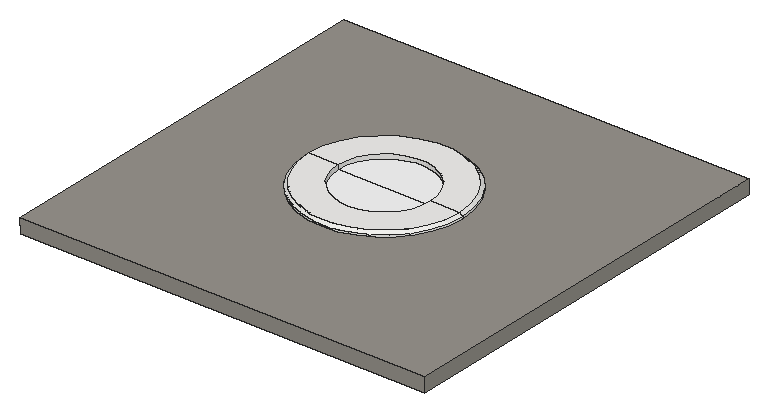
Revit family "Lighting_Fixture-Visa_Lighting-Symmetry_DL", category Lighting Fixtures, host Face, Revit 2020
Family settings
  Host = Face
  Round Connector Dimension = Use Diameter
  Part Type = Normal
  OmniClass Number = 23.80.70.11
  OmniClass Title = Luminaries for Internal Lighting
  Cut with Voids When Loaded = No
  Light Source = Yes
  Shared = No
  Room Calculation Point = No
Parameters (values of type "Not A Type - Load Type Catalog")
  Wattage Comments = "50.7 Watts"
  Wattage = 332.349 W
  Warranty URL = "https://www.visalighting.com/company/warranty"
  built-in parameter 1150110 = 1 (stored number, unit not read)
  Voltage Comment = "120 - 277 Volts Universal"  # constant formula
  Voltage = 120 V
  Version = "2020 - V1.0a"  # constant formula
  URL = "https://www.visalighting.com/"
  built-in parameter 1114217 = 1 (stored number, unit not read)
  Support Phone = "(224) 699-9545"  # constant formula
  Support Email = "mailto: support@bimsmith.com"
  Recessed Width = 0' - 6 125/128"  # constant formula
  Recessed Depth = 0' - 2 7/8"  # constant formula
  Photometry Note = "Please load ies file listed under Photometric Web File for accurate rendering."  # constant formula
  Product Documentation Link = "https://www.visalighting.com/sites/default/files/2025-03/cm2500_symmetry_dl_spec.pdf"
  Photometric Web File = "CM1885-W-L35K (AMB).ies"
  Load Classification = Lighting
  Keynote = "26 51 00"
  Instruction Sheet Link = "https://www.visalighting.com/sites/default/files/2025-03/762386xx-reva.pdf"
  Height = 0' - 4 3/4"  # constant formula
  Product Page URL = "https://www.visalighting.com/products/symmetry?field_healthcare_tags_tid[]=1501"
  Product Name = "Symmetry DL"  # constant formula
  Power Factor = 1
  Phase = 1
  Number of Poles = 1
  Model = "Please Load Accompanying Type Catalog (.txt)"
  Manufacturer Phone Number = "414-354-6600"  # constant formula
  Manufacturer Email = "https://www.visalighting.com/contact-visa-lighting"
  Manufacturer Address = "1717 W Civic Drive Milwaukee, WI 53209"  # constant formula
  Manufacturer = "Visa Lighting"  # constant formula
  Lens = Acrylic - VISA - Light
  Lamp = "LED"
  Frequency = 0 Hz
  Emit from Circle Diameter = C Lens Diameter  # 0' - 6 125/128"
  Emit Shape Visible in Rendering = no
  Diameter = 0' - 6 125/128"  # constant formula
  Desired Bracket Width = 1' - 6"
  Desired Bracket Length = 1' - 6"
  Description = "High-abuse downlight with a 4” diameter aperture."  # constant formula
  Copyright = "© 2025. All rights reserved. Visa Lighting, An Oldenburg Group Company."  # constant formula
  Tilt Angle = 90.00°
  built-in parameter 1150109 = 1 (stored number, unit not read)
  built-in parameter 1150134 = (empty or 0)
  built-in parameter 1150113 = 1 (stored number, unit not read)
  Material = ""
  Finish = Paint - VISA - Traffic White (TRWT)
  built-in parameter 1150105 = 358.1 (stored number, unit not read)
  Lumens = 4500 lm
  built-in parameter 1150115 = 1 (stored number, unit not read)
  built-in parameter 1150137 = (empty or 0)
  built-in parameter 1150139 = (empty or 0)
  built-in parameter 1150112 = 1 (stored number, unit not read)
  built-in parameter 1150114 = 1 (stored number, unit not read)
  built-in parameter 1150132 = 2
  built-in parameter 1150102 = (empty or 0)
  built-in parameter 1150107 = 3000 (stored number, unit not read)
  built-in parameter 1150138 = (empty or 0)
  built-in parameter 1150106 = 3.581 (stored number, unit not read)
  built-in parameter 1150104 = 1.2579 (stored number, unit not read)
  Dimming Lamp Color Temperature Shift = <None>
  Default Elevation = 0' - 0"  # constant formula
  Color Filter = 16777215
  C Lens Diameter = Diameter  # 0' - 6 125/128"
  C Driver Width = C Driver Length  # 0' - 6 125/128"
  C Driver Length = 0' - 6 125/128"  # constant formula
  C Driver Height = 0' - 4 3/4"  # constant formula
  C Constraint = 0
  C 45in Reflector = C Constraint = 1  # no
  C 23in Reflector = C Constraint = 0  # yes
  Bracket Width = if(Desired Bracket Width < 1' 2 125/256", 1' 2 125/256", if(Desired Bracket Width > 2' 0 1/64", 2' 0 1/64", Desired Bracket Width))  # 1' - 6"
  Bracket Length = if(Desired Bracket Length < 1' 2 125/256", 1' 2 125/256", if(Desired Bracket Length > 2' 0 1/64", 2' 0 1/64", Desired Bracket Length))  # 1' - 6"
  built-in parameter 1114218 = 1 (stored number, unit not read)
  built-in parameter 1150133 = 10 (stored number, unit not read)
  Assembly Code = "D5020200"
  Apparent Load = Wattage / Power Factor  # 332.349 VA
Reference planes (in)
  plane 1 "Center (Front/Back)": y = 0
  plane 2 "Ceiling": z = 0
  plane 3 "Center (Left/Right)": x = 0
  plane 4: y = 3.48828
  plane 5: y = -3.48828
  plane 6: x = -3.48828
  plane 7: x = 3.48828
  plane 8: z = -4.75
  plane 9: x = -3.48828
  plane 10: x = 3.48828
  plane 11: y = 3.48828
  plane 12: y = -3.48828
  plane 13: y = 9
  plane 14: x = -9
  plane 15: x = 9
  plane 16: y = -9
Forms (in)
  Extrusion 1, void
    sketch origin (0, 0, 0.0625) x (-1, 0, 0) y (0, -1, 0)
      loop
        circle (0, 0) r 3.48828
    from 0.563 to -4.8125
  Revolve 2, solid, material "Paint - VISA - Traffic White (TRWT)" <- "Finish"
    sketch origin (0, 0, 0) x (1, 0, 0) y (0, 0, 1)
      loop
        line (-3.48828, 0.06999) -> (-3.48828, 0) -> (-2.0624, 0) -> (-2.0624, 0.19472) -> (-3.36355, 0.19472) -> (-3.48828, 0.06999)
      axis (0, 0.19472) -> (0, 0)
    angle from 0 to 360
  Revolve 3, solid, material "Paint - VISA - Traffic White (TRWT)", visible <- "C 23in Reflector"
    sketch origin (0, 0, 0) x (1, 0, 0) y (0, 0, 1)
      loop
        line (-2.14361, -0.19207) -> (-1.88966, -0.44602) -> (-1.5717, -0.54323) -> (-1.51195, -0.66575) -> (-1.44675, -0.66575) -> (-1.5302, -0.49465) -> (-1.85856, -0.39426) -> (-2.11251, -0.14031) -> (-2.57143, 0) -> (-2.77184, 0) -> (-2.14361, -0.19207)
      axis (0, 0) -> (0, -0.66575)
    angle from 0 to 360
  Revolve 4, solid, material "Paint - VISA - Traffic White (TRWT)", visible <- "C 45in Reflector"
    sketch origin (0, 0, 0) x (1, 0, 0) y (0, 0, 1)
      loop
        line (-2.14361, -0.19207) -> (-1.88966, -0.44602) -> (-1.5717, -0.54323) -> (-1.51195, -0.66575) -> (-1.44675, -0.66575) -> (-1.5302, -0.49465) -> (-1.85856, -0.39426) -> (-2.11251, -0.14031) -> (-2.57143, 0) -> (-2.77184, 0) -> (-2.14361, -0.19207)
      axis (0, 0) -> (0, -0.66575)
    angle from 0 to 360
  Revolve 5, solid, material "Acrylic - VISA - Light" <- "Lens"
    sketch origin (0, 0, 0) x (1, 0, 0) y (0, 0, 1)
      loop
        line (0, -0.46262) -> (-1.26188, -0.46262)
        arc (-1.26188, -0.46262) -> (-1.32907, -0.55822) -> (-1.3748, -0.66575) r 0.55613
        line (-1.3748, -0.66575) -> (-1.51195, -0.66575) -> (-1.44525, -0.80249) -> (0, -0.80249) -> (0, -0.46262)
      axis (0, -0.46262) -> (0, -0.80249)
    angle from 0 to 360
  Revolve 6, solid, material "Paint - VISA - Traffic White (TRWT)" <- "Finish"
    sketch origin (0, 0, 0) x (1, 0, 0) y (0, 0, 1)
      loop
        line (-0.98436, -1.33063) -> (-0.98436, -1.60392) -> (0, -1.60392) -> (0, -0.80249) -> (-0.48751, -0.80249)
        arc (-0.48751, -0.80249) -> (-0.69436, -1.03516) -> (-0.79244, -1.33063) r 0.77167
        line (-0.79244, -1.33063) -> (-0.98436, -1.33063)
      axis (0, -0.80249) -> (0, -1.60392)
    angle from 0 to 360
  Sweep 7, solid, material "Metal - VISA - Satin Nickel Alternative (SNA)"
    path origin (0, 0, 0.0625) x (-1, 0, 0) y (0, -1, 0)
      loop
        line (9, -9) -> (9, 9) -> (-9, 9) -> (-9, -9) -> (9, -9)
    profile origin (0, 9, 0.0625) x (0, 1, 0) y (0, 0, 1)
      loop
        line (-7.064, -0.48414) -> (-7.064, -0.58571) -> (-0.10156, -0.58571) -> (-0.10156, -1.11767) -> (0, -1.11767) -> (0, -0.48414) -> (-7.064, -0.48414)
  Revolve 8, solid, material "Acrylic - VISA - Light" <- "Lens"
    sketch origin (0, 0, 0) x (1, 0, 0) y (0, 0, 1)
      loop
        line (0.01086, -0.14031) -> (0.01086, 0) -> (-2.57143, 0) -> (-2.11251, -0.14031) -> (0.01086, -0.14031)
      axis (0.01086, -0.14031) -> (0.01086, 0)
    angle from 0 to 360
Dimensions and locks (in)
  equal spacing: plane 4, plane 1 "Center (Front/Back)", plane 5
  "Diameter": plane 4 to plane 5
  equal spacing: plane 6, plane 3 "Center (Left/Right)", plane 7
  "Diameter": plane 7 to plane 6
  "C Driver Height": level to plane 8
  equal spacing: plane 9, plane 3 "Center (Left/Right)", plane 10
  "C Driver Length": plane 10 to plane 9
  equal spacing: plane 11, plane 1 "Center (Front/Back)", plane 12
  "C Driver Width": plane 11 to plane 12
  Revolve 2 sketch curve to plane 2 "Ceiling" = 0' - 0.06999"
  Revolve 2 sketch curve to Revolve 2 sketch curve to plane 9 = 0' - 1.30116" locked, 0' - 0.12473" locked
  "Bracket Length": plane 14 to plane 15
  "Bracket Width": plane 16 to plane 13
  equal spacing: plane 16, plane 1 "Center (Front/Back)", plane 13
  equal spacing: plane 14, plane 3 "Center (Left/Right)", plane 15
  locked: plane 1 "Center (Front/Back)" to Sweep 7 sketch curve at 1.936
  "C Lens Diameter": diameter of Extrusion 1 sketch curve
  aligned and locked: plane 2 "Ceiling" to host face
  aligned and locked: level to host face
  aligned and locked: imposter light to plane 1 "Center (Front/Back)"
  aligned and locked: Extrusion 1 to plane 8
  aligned and locked: plane 1 "Center (Front/Back)" to Extrusion 1 sketch curve
  aligned and locked: plane 3 "Center (Left/Right)" to Extrusion 1 sketch curve
  aligned and locked: Revolve 2 sketch curve to plane 9
  aligned and locked: Revolve 2 sketch curve to plane 3 "Center (Left/Right)"
  aligned and locked: Revolve 3 sketch curve to plane 3 "Center (Left/Right)"
  aligned and locked: Revolve 5 sketch curve to plane 3 "Center (Left/Right)"
  aligned and locked: Revolve 6 sketch curve to plane 3 "Center (Left/Right)"  (x2)
  aligned and locked: imposter light to Revolve 2
  aligned and locked: plane 13 to Sweep 7 sketch curve
  aligned and locked: plane 14 to Sweep 7 sketch curve
  aligned and locked: plane 15 to Sweep 7 sketch curve
  aligned and locked: plane 16 to Sweep 7 sketch curve
  aligned and locked: imposter light to Revolve 8 sketch curve
  aligned and locked: Revolve 8 sketch curve to plane 2 "Ceiling"
  aligned and locked: Revolve 8 sketch curve to imposter light
Automatic sketch dimensions
  host sketch curve to host sketch curve = 8' - 4.67202"
  host sketch curve to host sketch curve = 8' - 0"
  Revolve 2 sketch curve to Revolve 2 sketch curve = 0' - 0.06999"
  Revolve 2 sketch curve to plane 8 = 1' - 6"
  Revolve 3 sketch curve to level = 0' - 0.19207"
  plane 6 to Revolve 3 sketch curve = 0' - 1.34467"
  Revolve 3 sketch curve to Revolve 3 sketch curve = 0' - 0.25395"
  Revolve 3 sketch curve to Revolve 3 sketch curve = 0' - 0.31796"
  plane 6 to Revolve 3 sketch curve = 0' - 0.71644"
  Revolve 3 sketch curve to Revolve 3 sketch curve = 0' - 0.05975"
  Revolve 3 sketch curve to Revolve 3 sketch curve = 0' - 0.06519"
  Revolve 3 sketch curve to Revolve 3 sketch curve = 0' - 0.20041"
  Revolve 3 sketch curve to level = 0' - 0.14031"
  Revolve 3 sketch curve to Revolve 3 sketch curve = 0' - 0.0311"  (x2)
  Revolve 3 sketch curve to Revolve 3 sketch curve = 0' - 0.0415"
  Revolve 3 sketch curve to plane 8 = 1' - 6"
  Revolve 4 sketch curve to level = 0' - 0"
  Revolve 4 sketch curve to plane 3 "Center (Left/Right)" = 0' - 0"
  Revolve 4 sketch curve to plane 3 "Center (Left/Right)" = 0' - 1.44675"
  Revolve 4 sketch curve to Revolve 4 sketch curve = 0' - 0.06519"
  Revolve 4 sketch curve to Revolve 4 sketch curve = 0' - 0.01826"
  Revolve 4 sketch curve to Revolve 4 sketch curve = 0' - 0.0415"
  Revolve 4 sketch curve to Revolve 4 sketch curve = 0' - 0.28686"
  Revolve 4 sketch curve to Revolve 4 sketch curve = 0' - 0.0311"  (x2)
  Revolve 4 sketch curve to level = 0' - 0.14031"
  Revolve 4 sketch curve to Revolve 4 sketch curve = 0' - 0.25395"
  Revolve 4 sketch curve to level = 0' - 0.19207"
  Revolve 4 sketch curve to Revolve 4 sketch curve = 0' - 0.42782"
  Revolve 4 sketch curve to Revolve 4 sketch curve = 0' - 0.20041"
  Revolve 4 sketch curve to plane 8 = 1' - 6"
  Revolve 2 sketch curve to Revolve 2 sketch curve = 0' - 0.12473"
  Revolve 2 sketch curve to level = 0' - 0"
  Revolve 2 sketch curve to Revolve 2 sketch curve = 8' - 6.5241"
  level to Revolve 3 sketch curve = 8' - 6.71882"
  level to Revolve 4 sketch curve = 8' - 6.71882"
  Revolve 3 sketch curve to level = 0' - 0"
  Revolve 3 sketch curve to level = 0' - 0.66575"
  Revolve 3 sketch curve to Revolve 3 sketch curve = 0' - 0.12251"
  Revolve 3 sketch curve to Revolve 3 sketch curve = 0' - 0.04858"
  Revolve 3 sketch curve to Revolve 3 sketch curve = 0' - 0.09721"
  Revolve 3 sketch curve to Revolve 3 sketch curve = 0' - 0.05176"
  Revolve 4 sketch curve to level = 0' - 0.66575"
  Revolve 4 sketch curve to Revolve 4 sketch curve = 0' - 0.12251"
  Revolve 4 sketch curve to Revolve 4 sketch curve = 0' - 0.04858"
  Revolve 4 sketch curve to Revolve 4 sketch curve = 0' - 0.09721"
  Revolve 4 sketch curve to Revolve 4 sketch curve = 0' - 0.05176"
  Revolve 5 sketch curve to plane 3 "Center (Left/Right)" = 0' - 0"
  Revolve 5 sketch curve to plane 3 "Center (Left/Right)" = 0' - 0.84301"
  Revolve 5 sketch curve to Revolve 5 sketch curve = 0' - 0.06669"
  Revolve 5 sketch curve to Revolve 5 sketch curve = 0' - 0 13/64"
  Revolve 5 sketch curve to Revolve 5 sketch curve = 0' - 0.13714"
  Revolve 5 sketch curve to plane 8 = 1' - 6"
  Revolve 5 sketch curve to Revolve 5 sketch curve = 0' - 0.1627"
  Revolve 5 sketch curve to Revolve 5 sketch curve = 0' - 0.11293"
  Revolve 5 sketch curve to level = 0' - 0.82844"
  Revolve 5 sketch curve to Revolve 5 sketch curve = 0' - 0.13674"
  level to Revolve 5 sketch curve = 8' - 6.71882"
  Revolve 6 sketch curve to plane 3 "Center (Left/Right)" = 0' - 0.02608"
  Revolve 6 sketch curve to level = 0' - 1.421"
  Revolve 6 sketch curve to plane 3 "Center (Left/Right)" = 0' - 0.48751"
  Revolve 6 sketch curve to Revolve 6 sketch curve = 0' - 0.30492"
  Revolve 6 sketch curve to Revolve 6 sketch curve = 0' - 0.19193"
  Revolve 6 sketch curve to Revolve 6 sketch curve = 0' - 0.09036"
  Revolve 6 sketch curve to Revolve 6 sketch curve = 0' - 0.18293"
  Revolve 6 sketch curve to plane 8 = 1' - 6 191/256"
  level to Revolve 6 sketch curve = 8' - 6.71882"
  Sweep 7 sketch curve to profile plane = 0' - 0"
  Sweep 7 sketch curve to profile plane = 0' - 0.48414"
  Sweep 7 sketch curve to Sweep 7 sketch curve = 0' - 0 13/128"
  Sweep 7 sketch curve to Sweep 7 sketch curve = 0' - 0.53196"
  profile plane to Sweep 7 sketch curve = 0' - 0 13/128"
  Revolve 8 sketch curve to level = 0' - 0.14031"
  plane 6 to Revolve 8 sketch curve = 0' - 1.37577"
  Revolve 8 sketch curve to Revolve 8 sketch curve = 0' - 0.45892"
  Revolve 8 sketch curve to plane 8 = 0' - 7.05528"
  Revolve 8 sketch curve to Revolve 8 sketch curve = 1' - 0.19472"
Connectors (in)
  electrical at (0, 0, -1.60392), driven by "Number of Poles", driven by "Load Classification", driven by "Voltage", driven by "Apparent Load", driven by "Power Factor"
    settings: on Revolve 6, index 1, voltage 120 V, apparent load 0 VA, apparent load phase1 332.349 VA, apparent load phase2 0 VA, apparent load phase3 0 VA, power factor 1, load classification "Lighting", number of poles 1, system type 30, power factor state 1, is connector primary yes, connector utility no, sub classification motor no, connector description "Lighting"
